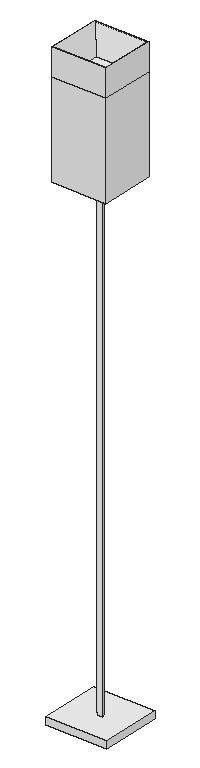
Revit family "Voila 4 Cuboid Pendant", category Lighting Fixtures, host Face, Revit 2015
Parameters
  Wattage = 9.2903 W
  built-in parameter 1150110 = 1 (stored number, unit not read)
  Voltage = if([120 Volts], 120 V, if([277 Volts], 277 V, if([277 Volts], 347 V, if([UNV 120 Volts-277 Volts], 120 V, 120 V))))  # 120 V
  URL = "http://www.lumenwerx.com"
  UNV 120 Volts-277 Volts = no
  built-in parameter 1114217 = 1 (stored number, unit not read)
  Tilt Angle = -90.00°  # constant formula
  built-in parameter 1150109 = 1 (stored number, unit not read)
  built-in parameter 1150134 = 3
  built-in parameter 1150113 = 1 (stored number, unit not read)
  Photometric Web File = "Generic"
  Pendant Canopy = yes
  Optics = Lumenwerx CS Lens
  Mounting Height = 36"
  Model = "Voila 4 Cuboid Pendant"  # constant formula
  Manufacturer = "Lumenwerx"  # constant formula
  built-in parameter 1150105 = 109.82 (stored number, unit not read)
  Lumens = 1380 lm
  built-in parameter 1150115 = 1 (stored number, unit not read)
  Luminaire ID = "VO4CP"
  Link to Product Page = "http://lumenwerx.com/en/product-line/voila-4-cylinder-cuboid-2/"
  Link to IES File = ""
  built-in parameter 1150137 = (empty or 0)
  built-in parameter 1150139 = (empty or 0)
  built-in parameter 1150112 = 1 (stored number, unit not read)
  built-in parameter 1150114 = 1 (stored number, unit not read)
  Lamp = "LED"  # constant formula
  built-in parameter 1150132 = (empty or 0)
  built-in parameter 1150102 = (empty or 0)
  built-in parameter 1150107 = 3200 (stored number, unit not read)
  built-in parameter 1150138 = (empty or 0)
  built-in parameter 1150106 = 1.0982 (stored number, unit not read)
  Fixture Width = 4"
  Fixture Height = 9"
  Finish = Lumenwerx Standard White
  built-in parameter 1150104 = 13.8 (stored number, unit not read)
  Dimming Lamp Color Temperature Shift = <None>
  Default Elevation = 48"
  Conduit Feed = not(Pendant Canopy)  # no
  Color Temperature = 0 K
  Color Filter = 16777215
  built-in parameter 1114218 = 1 (stored number, unit not read)
  Baffle Position = 1"
  built-in parameter 1150133 = 10 (stored number, unit not read)
  Apparent Load = 0 VA
  347 Volts = no
  277 Volts = no
  120 Volts = yes
Reference planes (in)
  plane 1 "Center (Front/Back)": y = 0
  plane 2: z = 0
  plane 3 "Center (Left/Right)": x = 0
  plane 4: x = -2
  plane 5: x = 2
Forms (in)
  Revolve 1, solid, not visible
    sketch origin (0, 0, 0) x (1, 0, 0) y (0, 0, 1)
      loop
        line (0, 0.25) -> (-1, 0.25) -> (-1, 0) -> (-0.96777, 0) -> (-0.96777, 0.21676) -> (0, 0.21676) -> (0, 0.25)
      axis (0, 0.25) -> (0, 0)
    angle from 0 to 360
  Revolve 2, solid, not visible
    sketch origin (0, 0, -2.75) x (1, 0, 0) y (0, 0, 1)
      loop
        line (0, 3) -> (0.175, 3) -> (0.175, 4) -> (0, 4) -> (0, 3)
      axis (0, 4) -> (0, 3)
    angle from 0 to 360
  Revolve 3, solid, not visible
    sketch origin (0, 0, 0) x (1, 0, 0) y (0, 0, 1)
      loop
        line (0, 1.25) -> (0, 11.25) -> (-0.03134, 11.25) -> (-0.03134, 1.25) -> (0, 1.25)
      axis (0, 1.25) -> (0, 11.25)
    angle from 0 to 360
  Extrusion 4, solid, material "Lumenwerx Standard White" <- "Finish", not visible
    sketch origin (0, 0, 0) x (1, 0, 0) y (0, 1, 0)
      loop
        line (-1.91, 0.66) -> (-1.91, -0.66) -> (1.91, -0.66) -> (1.91, 0.66) -> (-1.91, 0.66)
    from 31.6 to 32
  Extrusion 5, void, not visible
    sketch origin (0, 0, 0) x (1, 0, 0) y (0, 1, 0)
      loop
        line (-1.86, 0.61) -> (-1.86, -0.61) -> (-0.66, -0.61) -> (-0.66, 0.61) -> (-1.86, 0.61)
      loop
        line (1.86, -0.61) -> (1.86, 0.61) -> (0.66, 0.61) -> (0.66, -0.61) -> (1.86, -0.61)
      loop
        line (-0.6, 0.61) -> (-0.6, -0.61) -> (0.6, -0.61) -> (0.6, 0.61) -> (-0.6, 0.61)
    from 32 to 31.6
  Extrusion 6, solid, material "Lumenwerx Standard White" <- "Finish"
    sketch origin (0, 0, 0) x (1, 0, 0) y (0, 1, 0)
      loop
        line (-2, 2) -> (-2, -2) -> (2, -2) -> (2, 2) -> (-2, 2)
      loop
        line (-1.96, 1.96) -> (-1.96, -1.96) -> (1.96, -1.96) -> (1.96, 1.96) -> (-1.96, 1.96)
    from 36 to 43
  Extrusion 7, solid, material "Lumenwerx Standard White" <- "Finish", visible <- "Conduit Feed"
    sketch origin (0, 0, 0) x (1, 0, 0) y (0, 1, 0)
      loop
        line (-3, 3) -> (-3, -3) -> (3, -3) -> (3, 3) -> (-3, 3)
    from 0 to 1.5
  Extrusion 8, solid, material "Lumenwerx Standard White" <- "Finish"
    sketch origin (0, 0, 0) x (1, 0, 0) y (0, 1, 0)
      loop
        line (-2, 2) -> (-2, -2) -> (2, -2) -> (2, 2) -> (-2, 2)
    from 43 to 45
  Blend 9, void
    base sketch origin (0, 0, 0) x (1, 0, 0) y (0, 1, 0)
      loop
        line (-1.96, 1.96) -> (-1.96, -1.96) -> (1.96, -1.96) -> (1.96, 1.96) -> (-1.96, 1.96)
    top sketch origin (0, 0, 0) x (1, 0, 0) y (0, 1, 0)
      loop
        line (-1.50053, 1.50053) -> (-1.50053, -1.50053) -> (1.50053, -1.50053) -> (1.50053, 1.50053) -> (-1.50053, 1.50053)
    from 45 to 43
  Extrusion 10, solid, material "Lumenwerx CS Lens" <- "Optics"
    sketch origin (0, 0, 0) x (1, 0, 0) y (0, 1, 0)
      loop
        line (-1.50053, 1.50053) -> (-1.50053, -1.50053) -> (1.50053, -1.50053) -> (1.50053, 1.50053) -> (-1.50053, 1.50053)
    from 42.93 to 43
  Extrusion 11, solid, material "Lumenwerx Standard White"
    sketch origin (0, 0, 0) x (1, 0, 0) y (0, 1, 0)
      loop
        circle (0, 0) r 0.18
    from 0 to 36
  Extrusion 12, solid, material "Lumenwerx Standard White", visible <- "Pendant Canopy"
    sketch origin (0, 0, 0) x (1, 0, 0) y (0, 1, 0)
      loop
        line (-2.25, 2.25) -> (-2.25, -2.25) -> (2.25, -2.25) -> (2.25, 2.25) -> (-2.25, 2.25)
    from 0 to 0.5
Cuts and joins
  Blend 9 cuts Extrusion 7
  Blend 9 cuts Extrusion 8
Lines and regions (in)
  reference lines
    curve 1: line (0, 29.015, 45) -> (0, -29.735, 45)
    curve 2: line (0, 29.015, 36) -> (0, -29.735, 36)
    curve 3: line (-2, 0, -16) -> (-2, 0, 67.75)
    curve 4: line (2, 0, -16) -> (2, 0, 67.75)
    curve 5: line (0, -2, -16) -> (0, -2, 82)
    curve 6: line (0, 2, 98.27586) -> (0, 2, -24)
    curve 7: line (-32.56803, 0, 36) -> (37.43197, 0, 36)
    curve 8: line (-32.56803, 2, 0) -> (37.43197, 2, 0)
    curve 9: line (37.43197, -2, 0) -> (-32.56803, -2, 0)
    curve 10: line (0, 29.015, 43) -> (0, -29.735, 43)
    curve 11: line (0, 12, 42.93) -> (0, -12, 42.93)
Dimensions and locks (in)
  curve 4 to curve 3 = 4"
  "Fixture Height": curve 2 to curve 1
  equal spacing: curve 4, plane 3 "Center (Left/Right)", curve 3
  equal spacing: curve 6, curve 3, curve 5
  "Fixture Width": curve 6 to curve 5
  connector elem to curve 4 = 2"
  curve 7 to host face = 36"
  "Mounting Height": host face to curve 2
  equal spacing: curve 9, curve 7, curve 8
  "Fixture Width": curve 9 to curve 8
  equal spacing: plane 4, plane 3 "Center (Left/Right)", plane 5
  "Fixture Width": plane 4 to plane 5
  locked: curve 10 to curve 1 at 2
  locked: curve 11 to curve 10 at 0.07
  aligned and locked: plane 2 to host face
  aligned and locked: level to host face
  aligned and locked: imposter light to plane 1 "Center (Front/Back)"
  aligned and locked: curve 2 to Extrusion 6
  aligned and locked: curve 8 to Extrusion 6 sketch curve
  aligned and locked: plane 4 to Extrusion 6 sketch curve
  aligned and locked: curve 9 to Extrusion 6 sketch curve
  aligned and locked: Extrusion 6 sketch curve to plane 5
  aligned and locked: curve 8 to Extrusion 8 sketch curve
  aligned and locked: plane 4 to Extrusion 8 sketch curve
  aligned and locked: curve 9 to Extrusion 8 sketch curve
  aligned and locked: Extrusion 8 sketch curve to plane 5
  aligned and locked: curve 10 to Extrusion 8
  aligned and locked: Extrusion 8 to curve 1
  aligned and locked: Extrusion 6 to curve 10
  aligned and locked: Blend 9 sketch curve to Extrusion 6  (x4)
  aligned and locked: Blend 9 to curve 1
  aligned and locked: curve 10 to cut or joined group of Extrusion 8, Blend 9
  aligned and locked: imposter light to curve 10
  aligned and locked: Extrusion 10 to curve 10
  aligned and locked: curve 11 to Extrusion 10
  aligned and locked: Extrusion 11 to curve 2
Automatic sketch dimensions
  Revolve 1 sketch curve to Revolve 1 sketch curve = 0.96777"
  Revolve 1 sketch curve to Revolve 1 sketch curve = 0.03324"
  Revolve 1 sketch curve to Revolve 1 sketch curve = 0"
  Revolve 1 sketch curve to Revolve 1 sketch curve = 0.11081"
  Revolve 2 sketch curve to Revolve 2 sketch curve = 0.175"
  Revolve 2 sketch curve to Revolve 2 sketch curve = 1"
  Revolve 2 sketch curve to Revolve 2 sketch curve = 0"  (x2)
  Revolve 2 sketch curve to Revolve 2 sketch curve = 0.5"
  Revolve 3 sketch curve to Revolve 3 sketch curve = 10"
  Revolve 3 sketch curve to Revolve 3 sketch curve = 0"  (x2)
  Revolve 3 sketch curve to Revolve 3 sketch curve = 1.25"
  Revolve 1 sketch curve to Revolve 1 sketch curve = 0.03223"
  Revolve 1 sketch curve to Revolve 1 sketch curve = 0.21676"  (x2)
  Revolve 3 sketch curve to Revolve 3 sketch curve = 0.03134"
  host sketch curve to host sketch curve = 96"  (x2)
  Extrusion 5 sketch curve to Extrusion 5 sketch curve = 0.06"  (x2)
  Extrusion 5 sketch curve to Extrusion 5 sketch curve = 1.2"  (x3)
  Extrusion 5 sketch curve to Extrusion 5 sketch curve = 0"  (x3)
  Extrusion 4 sketch curve to Extrusion 4 sketch curve = 3.82"
  Extrusion 4 sketch curve to Extrusion 4 sketch curve = 1.32"
  Extrusion 5 sketch curve to Extrusion 5 sketch curve = 1.22"  (x2)
  curve 7 to plane 3 "Center (Left/Right)" = 32.56803"
  plane 3 "Center (Left/Right)" to curve 7 = 37.43197"
  curve 3 to level = 16"
  curve 4 to curve 3 = 0"
  curve 7 to curve 4 = 31.75"
  curve 3 to curve 4 = 0"
  plane 3 "Center (Left/Right)" to Extrusion 7 sketch curve = 3"
  plane 1 "Center (Front/Back)" to Extrusion 7 sketch curve = 3"
  Extrusion 7 sketch curve to plane 1 "Center (Front/Back)" = 3"
  Extrusion 7 sketch curve to plane 3 "Center (Left/Right)" = 3"
  Extrusion 6 sketch curve to Extrusion 6 sketch curve = 0.04"  (x2)
  plane 4 to Extrusion 6 sketch curve = 0.04"
  Extrusion 6 sketch curve to plane 5 = 0.04"
  Blend 9 sketch curve to plane 3 "Center (Left/Right)" = 1.50053"
  plane 4 to Blend 9 sketch curve = 0.49947"
  Blend 9 sketch curve to plane 1 "Center (Front/Back)" = 1.50053"
  Blend 9 sketch curve to plane 5 = 0.49947"
  plane 1 "Center (Front/Back)" to Blend 9 sketch curve = 1.50053"  (x2)
  plane 4 to Extrusion 10 sketch curve = 0.49947"
  Extrusion 10 sketch curve to plane 5 = 0.49947"
  plane 1 "Center (Front/Back)" to Extrusion 10 sketch curve = 1.50053"
  Extrusion 10 sketch curve to plane 1 "Center (Front/Back)" = 1.50053"
  plane 1 "Center (Front/Back)" to Extrusion 11 sketch curve = 0"
  Extrusion 11 sketch curve to plane 3 "Center (Left/Right)" = 0"
  Extrusion 12 sketch curve to plane 3 "Center (Left/Right)" = 2.25"
  plane 5 to Extrusion 12 sketch curve = 0.25"
  plane 1 "Center (Front/Back)" to Extrusion 12 sketch curve = 2.25"
  Extrusion 12 sketch curve to Extrusion 12 sketch curve = 4.5"
  curve 9 to plane 4 = 30.56803"
  curve 8 to curve 9 = 0"  (x2)
  plane 5 to curve 9 = 35.43197"
  plane 1 "Center (Front/Back)" to curve 11 = 12"
  curve 2 to curve 11 = 17.735"
  curve 10 to curve 2 = 0"
  curve 1 to curve 10 = 0"
  curve 11 to plane 1 "Center (Front/Back)" = 12"
  curve 11 to curve 2 = 17.015"
  curve 1 to curve 2 = 0"
  curve 10 to curve 1 = 0"
  curve 5 to level = 16"
  curve 6 to curve 5 = 8"
  curve 11 to curve 5 = 39.07"
  curve 5 to curve 6 = 16.27586"
  radius of Extrusion 11 sketch curve = 0.18"
Connectors (in)
  electrical at (0, 0, 0), driven by "Voltage"
    settings: index 1, voltage 120 V, apparent load 0 VA, apparent load phase1 0 VA, apparent load phase2 0 VA, apparent load phase3 0 VA, power factor 1, load classification "Other", number of poles 1, system type 31, power factor state 1, is connector primary yes, connector utility no, sub classification motor no, connector description ""
